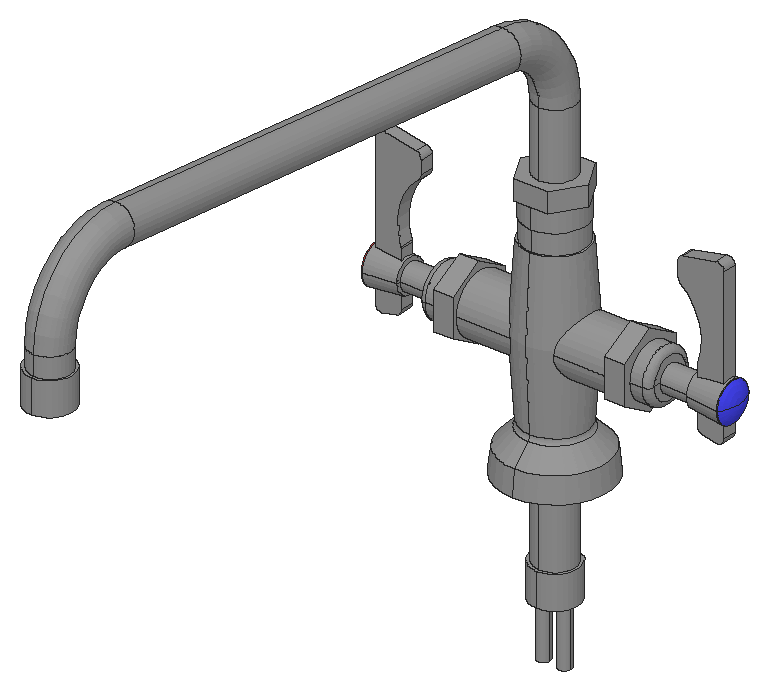
Revit family "Krowne_16-312L_DeckMount_Faucet", category Plumbing Fixtures, Revit 2018
Family settings
  Round Connector Dimension = Use Diameter
  Part Type = Normal
  OmniClass Number = 23.40.40.00
  OmniClass Title = Food Service Equipment and Furnishings
  Work Plane-Based = No
  Always vertical = Yes
  Cut with Voids When Loaded = No
  Shared = No
  Room Calculation Point = No
Parameters (values of type "16-312L")
  Width = 7"
  Weight in Pounds = 5
  Watermarked By = ""
  URL Cutsheet = ""
  URL = "https://krowne.com/"
  Status [instance] = ""
  Specification by User [instance] = ""
  Specification by Manufacturer [instance] = ""
  Serial Number [instance] = ""
  Revision Code [instance] = ""
  NAFEM Spec ID Number [instance] = ""
  Model = "16-312L"
  Masterspec [instance] = ""
  Manufacturer = "Krowne Metal"
  Item Number [instance] = "-"
  Installed By [instance] = ""
  Hot Water Temperature = 100 °F
  Hot Water Size = 1/2"
  Hot Water RI Height = 0"
  Hot Water Flow = 1.8 GPM
  Hot Water Consumption = 0 GPM
  Hot Water Connection Height = 0"
  Height = 13 7/8"
  Furnished By [instance] = ""
  Foodservice Equipment Identifier = yes
  Description = "Single Hole Deck Mount Pantry Faucet with 12\" Spout"
  Depth = 13"
  Cold Water Size = 1/2"
  Cold Water RI Height [instance] = 0"
  Cold Water Flow = 1.8 GPM
  Cold Water Consumption = ""
  Cold Water Connection Height = 0"
  CSI MasterFormat = ""
  Assembly Code = "E1090300"
Reference planes (in)
  plane 1 "BACK": y = 0.0625
  plane 2: z = 0
  plane 3 "LEFT": x = -13.81573
  plane 4 "CENTER L/R": x = -12.56573
  plane 5: y = -0.9375
  plane 6: z = 13.875
  plane 7 "Faucet Lip": z = 8.125
  plane 8: y = -6.9375
  plane 9: z = 5.125
  plane 10: x = -9.06573
  plane 11 "CENTER L/S": x = -11.31573
  plane 12: z = 2.375
  plane 13: x = -16.06573
  plane 14 "CENTER L/T": y = -1.9375
  plane 15: y = -12.9375
Forms (in)
  Revolve 1, solid, material "QF_Steel-Chrome-Polished"
    sketch origin (-12.56573, 0.1875, 0) x (0, 1, 0) y (0, 0, 1)
      loop
        line (-1.125, 0) -> (-0.125, 0) -> (-0.17096, 0.46529) -> (-0.49693, 0.79126)
        arc (-0.49693, 0.79126) -> (-0.5271, 0.84005) -> (-0.5323, 0.89717) r 0.125
        arc (-0.5323, 0.89717) -> (-0.42343, 2.44221) -> (-0.5323, 3.98724) r 11.01727
        line (-0.5323, 3.98724) -> (-1.125, 3.98724) -> (-1.125, 0)
      axis (-1.125, 0) -> (-1.125, 3.98724)
    angle from 0 to 360
  Extrusion 2, solid, material "QF_Steel-Chrome-Polished"
    sketch origin (-12.87823, 0.1875, -0.125) x (0, 1, 0) y (0, 0, 1)
      loop
        circle (-1.125, 2.5) r 0.5625
    from -1.125 to 1.75
  Revolve 3, solid, material "QF_Steel-Chrome-Polished"
    sketch origin (-12.56573, 0.1875, 0) x (0, 1, 0) y (0, 0, 1)
      loop
        line (-1.125, 0) -> (-1.125, -2.125) -> (-0.6875, -2.125) -> (-0.6875, -1.5) -> (-0.75, -1.5) -> (-0.75, 0) -> (-1.125, 0)
      axis (-1.125, 0) -> (-1.125, -2.125)
    angle from 0 to 360
  Extrusion 4, solid, material "QF_Steel-Chrome-Polished"
    sketch origin (-11.12823, -0.03125, 10.75323) x (0, 1, 0) y (0, 0, 1)
      loop
        line (-0.90625, -7.67139) -> (-1.51839, -8.02481) -> (-1.51839, -8.73164) -> (-0.90625, -9.08506) -> (-0.29411, -8.73164) -> (-0.29411, -8.02481) -> (-0.90625, -7.67139)
    from 0 to 0.375
  Revolve 5, solid, material "QF_Steel-Chrome-Polished"
    sketch origin (-15.12823, -0.03125, 2.375) x (0, 1, 0) y (-1, 0, 0)
      loop
        line (-0.90625, -4.375) -> (-0.90625, -4.75) -> (-0.53125, -4.75)
        arc (-0.53125, -4.75) -> (-0.44286, -4.71339) -> (-0.40625, -4.625) r 0.125
        line (-0.40625, -4.625) -> (-0.40625, -4.375) -> (-0.90625, -4.375)
      axis (-0.90625, -4.375) -> (-0.90625, -4.75)
    angle from 0 to 360
  Revolve 6, solid, material "QF_Steel-Chrome-Polished"
    sketch origin (-15.12823, -0.03125, 2.375) x (0, 1, 0) y (-1, 0, 0)
      loop
        line (-0.90625, -4.75) -> (-0.90625, -5.3125) -> (-0.65625, -5.3125) -> (-0.65625, -4.75) -> (-0.90625, -4.75)
      axis (-0.90625, -4.75) -> (-0.90625, -5.3125)
    angle from 0 to 360
  Revolve 7, solid, material "QF_Steel-Chrome-Polished"
    sketch origin (-15.12823, -0.03125, 2.375) x (0, 1, 0) y (-1, 0, 0)
      loop
        line (-0.90625, -5.3125) -> (-0.90625, -5.9375) -> (-0.53125, -5.9375) -> (-0.59375, -5.3125) -> (-0.90625, -5.3125)
      axis (-0.90625, -5.3125) -> (-0.90625, -5.9375)
    angle from 0 to 360
  Revolve 8, solid, material "QF_Plastic-Blue"
    sketch origin (-15.12823, -0.03125, 2.375) x (0, 1, 0) y (-1, 0, 0)
      loop
        line (-0.90625, -5.9375) -> (-0.90625, -6.0625)
        arc (-0.90625, -6.0625) -> (-0.70704, -6.03513) -> (-0.53125, -5.9375) r 0.54601
        line (-0.53125, -5.9375) -> (-0.90625, -5.9375)
      axis (-0.90625, -5.9375) -> (-0.90625, -6.0625)
    angle from 0 to 360
  Extrusion 9, solid, material "QF_Steel-Chrome-Polished"
    sketch origin (-15.12823, -0.9375, 10.75323) x (0, 0, 1) y (-1, 0, 0)
      loop
        arc (-6.12823, -5.875) -> (-6.03156, -5.82925) -> (-6.00565, -5.72549) r 0.125
        line (-6.00565, -5.72549) -> (-6.13064, -5.10053)
        arc (-6.13064, -5.10053) -> (-6.17396, -5.02837) -> (-6.25321, -5.00004) r 0.125
        line (-6.25321, -5.00004) -> (-6.5031, -5.00004)
        arc (-6.5031, -5.00004) -> (-6.55588, -5.01173) -> (-6.59879, -5.04462) r 0.125
        arc (-6.59879, -5.04462) -> (-7.17151, -5.40979) -> (-7.85017, -5.38199) r 1.13354
        arc (-7.85017, -5.38199) -> (-7.871, -5.37648) -> (-7.89247, -5.37462) r 0.125
        line (-7.89247, -5.37462) -> (-8.92568, -5.37462)
        arc (-8.92568, -5.37462) -> (-9.00493, -5.40295) -> (-9.04825, -5.47511) r 0.125
        line (-9.04825, -5.47511) -> (-9.09832, -5.72549)
        arc (-9.09832, -5.72549) -> (-9.07242, -5.82925) -> (-8.97575, -5.875) r 0.125
        line (-8.97575, -5.875) -> (-6.12823, -5.875)
    from -0.125 to 0.125
  Extrusion 10, solid, material "QF_Steel-Chrome-Polished"
    sketch origin (-14.00323, -0.03125, 10.75323) x (0, 1, 0) y (0, 0, -1)
      loop
        line (-0.90625, 7.67139) -> (-0.29411, 8.02481) -> (-0.29411, 8.73164) -> (-0.90625, 9.08506) -> (-1.51839, 8.73164) -> (-1.51839, 8.02481) -> (-0.90625, 7.67139)
    from 0 to 0.375
  Revolve 11, solid, material "QF_Steel-Chrome-Polished"
    sketch origin (-10.00323, -0.03125, 2.375) x (0, 1, 0) y (-1, 0, 0)
      loop
        line (-0.90625, 4.375) -> (-0.40625, 4.375) -> (-0.40625, 4.625)
        arc (-0.40625, 4.625) -> (-0.44286, 4.71339) -> (-0.53125, 4.75) r 0.125
        line (-0.53125, 4.75) -> (-0.90625, 4.75) -> (-0.90625, 4.375)
      axis (-0.90625, 4.375) -> (-0.90625, 4.75)
    angle from 0 to 360
  Revolve 12, solid, material "QF_Steel-Chrome-Polished"
    sketch origin (-10.00323, -0.03125, 2.375) x (0, 1, 0) y (-1, 0, 0)
      loop
        line (-0.90625, 4.75) -> (-0.65625, 4.75) -> (-0.65625, 5.3125) -> (-0.90625, 5.3125) -> (-0.90625, 4.75)
      axis (-0.90625, 4.75) -> (-0.90625, 5.3125)
    angle from 0 to 360
  Revolve 13, solid, material "QF_Steel-Chrome-Polished"
    sketch origin (-10.00323, -0.03125, 2.375) x (0, 1, 0) y (-1, 0, 0)
      loop
        line (-0.90625, 5.3125) -> (-0.59375, 5.3125) -> (-0.53125, 5.9375) -> (-0.90625, 5.9375) -> (-0.90625, 5.3125)
      axis (-0.90625, 5.3125) -> (-0.90625, 5.9375)
    angle from 0 to 360
  Revolve 14, solid, material "QF_Plastic-Red"
    sketch origin (-10.00323, -0.03125, 2.375) x (0, 1, 0) y (-1, 0, 0)
      loop
        line (-0.90625, 5.9375) -> (-0.53125, 5.9375)
        arc (-0.53125, 5.9375) -> (-0.70704, 6.03513) -> (-0.90625, 6.0625) r 0.54601
        line (-0.90625, 6.0625) -> (-0.90625, 5.9375)
      axis (-0.90625, 5.9375) -> (-0.90625, 6.0625)
    angle from 0 to 360
  Extrusion 15, solid, material "QF_Steel-Chrome-Polished"
    sketch origin (-10.00323, -0.9375, 10.75323) x (0, 0, 1) y (-1, 0, 0)
      loop
        line (-6.12823, 5.875) -> (-8.97575, 5.875)
        arc (-8.97575, 5.875) -> (-9.07242, 5.82925) -> (-9.09832, 5.72549) r 0.125
        line (-9.09832, 5.72549) -> (-9.04825, 5.47511)
        arc (-9.04825, 5.47511) -> (-9.00493, 5.40295) -> (-8.92568, 5.37462) r 0.125
        line (-8.92568, 5.37462) -> (-7.89247, 5.37462)
        arc (-7.89247, 5.37462) -> (-7.871, 5.37648) -> (-7.85017, 5.38199) r 0.125
        arc (-7.85017, 5.38199) -> (-7.17151, 5.40979) -> (-6.59879, 5.04462) r 1.13354
        arc (-6.59879, 5.04462) -> (-6.55588, 5.01173) -> (-6.5031, 5.00004) r 0.125
        line (-6.5031, 5.00004) -> (-6.25321, 5.00004)
        arc (-6.25321, 5.00004) -> (-6.17396, 5.02837) -> (-6.13064, 5.10053) r 0.125
        line (-6.13064, 5.10053) -> (-6.00565, 5.72549)
        arc (-6.00565, 5.72549) -> (-6.03156, 5.82925) -> (-6.12823, 5.875) r 0.125
    from -0.125 to 0.125
  Revolve 16, solid, material "QF_Steel-Chrome-Polished"
    sketch origin (-11.25165, -0.9375, 0) x (1, 0, 0) y (0, 0, -1)
      loop
        line (-1.125, 3.25) -> (-1.125, 2.125) -> (-1.0056, 2.125) -> (-1.0056, 3.25) -> (-1.125, 3.25)
      axis (-1.125, 2.125) -> (-1.125, 3.25)
    angle from 0 to 360
  Revolve 17, solid, material "QF_Steel-Chrome-Polished"
    sketch origin (-11.65948, -0.9375, 0) x (1, 0, 0) y (0, 0, -1)
      loop
        line (-1.125, 3.25) -> (-1.125, 2.125) -> (-1.0056, 2.125) -> (-1.0056, 3.25) -> (-1.125, 3.25)
      axis (-1.125, 2.125) -> (-1.125, 3.25)
    angle from 0 to 360
  Extrusion 18, solid, material "QF_Steel-Chrome-Polished"
    sketch origin (0, 0, 4.375) x (0, 1, 0) y (-1, 0, 0)
      loop
        circle (-0.9375, 12.56573) r 0.5625
    from 0 to 0.375
  Extrusion 19, solid, material "QF_Steel-Chrome-Polished"
    sketch origin (0, 0, 4.75) x (0, 1, 0) y (-1, 0, 0)
      loop
        line (-0.9375, 11.91391) -> (-0.37301, 12.23982) -> (-0.37301, 12.89163) -> (-0.9375, 13.21754) -> (-1.50199, 12.89163) -> (-1.50199, 12.23982) -> (-0.9375, 11.91391)
    from 0 to 0.375
  Extrusion 20, solid, material "QF_Steel-Chrome-Polished"
    sketch origin (0, 0, 3.98724) x (0, 1, 0) y (-1, 0, 0)
      loop
        circle (-0.9375, 12.56573) r 0.5551
    from 0 to 0.38776
  Sweep 21, solid, material "QF_Steel-Chrome-Polished"
    path origin (-12.56573, 0, 4.0625) x (0, 1, 0) y (0, 0, 1)
      loop
        line (-0.9375, 1.0625) -> (-0.9375, 2.30619)
        arc (-0.9375, 2.30619) -> (-1.30696, 3.24402) -> (-2.2168, 3.67786) r 1.375
        line (-2.2168, 3.67786) -> (-11.40489, 4.73802)
        arc (-11.40489, 4.73802) -> (-12.47735, 4.39857) -> (-12.9375, 3.37208) r 1.375
        line (-12.9375, 3.37208) -> (-12.9375, 2.375)
    profile origin (-12.56573, -0.9375, 5.74684) x (0, -1, 0) y (1, 0, 0)
      loop
        circle (0, 0) r 0.375
  Extrusion 22, solid, material "QF_Steel-Chrome-Polished"
    sketch origin (-12.56573, -12.9375, 6.4375) x (0, -1, 0) y (-1, 0, 0)
      loop
        circle (0, 0) r 0.4375
    from 0 to -0.625
Cuts and joins
  joined: Revolve 13, Extrusion 15
  joined: Revolve 7, Extrusion 9
Lines and regions (in)
  symbolic lines
    curve 1: arc (-12.94073, -0.9375, 0) -> (-12.56573, -0.5625, 0) -> (-12.19073, -0.9375, 0) r 0.375
    curve 2: arc (-12.94073, -12.9375, 0) -> (-12.83089, -13.20267, 0) -> (-12.56573, -13.3125, 0) r 0.375
    curve 3: arc (-12.56573, -13.3125, 0) -> (-12.30056, -13.20267, 0) -> (-12.19073, -12.9375, 0) r 0.375
    curve 4: line (-12.94073, -12.9375, 0) -> (-12.94073, -0.9375, 0)
    curve 5: line (-12.19073, -0.9375, 0) -> (-12.19073, -12.9375, 0)
    curve 6: arc (-12.56573, 0.0625, 0) -> (-12.09802, -0.05362, 0) -> (-11.73893, -0.375, 0) r 1
    curve 7: arc (-12.94073, -1.86452, 0) -> (-13.19366, -1.71577, 0) -> (-13.39252, -1.5, 0) r 1
    curve 8: arc (-12.94073, -1.55954, 0) -> (-12.56573, -0.21296, 0) -> (-12.19073, -1.55954, 0) r 0.72551
    curve 9: line (-14.00323, -0.32536, 0) -> (-14.00323, -1.54964, 0)
    curve 10: line (-14.00323, -1.5, 0) -> (-13.02512, -1.5, 0)
    curve 11: line (-14.00323, -0.375, 0) -> (-13.02274, -0.375, 0)
    curve 12: line (-11.12823, -0.32536, 0) -> (-11.12823, -1.54964, 0)
    curve 13: line (-11.12823, -1.5, 0) -> (-12.10633, -1.5, 0)
    curve 14: line (-11.12823, -0.375, 0) -> (-12.10871, -0.375, 0)
    curve 15: arc (-13.39252, -0.375, 0) -> (-13.03343, -0.05362, 0) -> (-12.56573, 0.0625, 0) r 1
    curve 16: arc (-11.73893, -1.5, 0) -> (-11.93779, -1.71577, 0) -> (-12.19073, -1.86452, 0) r 1
    curve 17: line (-14.00323, -0.32536, 0) -> (-14.37823, -0.32536, 0)
    curve 18: line (-14.37823, -0.32536, 0) -> (-14.37823, -1.54964, 0)
    curve 19: line (-14.37823, -1.54964, 0) -> (-14.00323, -1.54964, 0)
    curve 20: line (-14.37823, -0.4375, 0) -> (-14.60737, -0.4375, 0)
    curve 21: line (-14.75575, -0.58588, 0) -> (-14.75575, -1.31956, 0)
    curve 22: line (-14.37823, -1.4375, 0) -> (-14.63781, -1.4375, 0)
    curve 23: arc (-14.60737, -0.4375, 0) -> (-14.71229, -0.48096, 0) -> (-14.75575, -0.58588, 0) r 0.14838
    curve 24: arc (-14.63781, -1.4375, 0) -> (-14.72121, -1.40295, 0) -> (-14.75575, -1.31956, 0) r 0.11794
    curve 25: line (-15.87823, -1.0625, 0) -> (-15.00327, -1.0625, 0)
    curve 26: line (-15.87823, -0.8125, 0) -> (-15.87823, -1.0625, 0)
    curve 27: line (-15.00327, -0.8125, 0) -> (-15.87823, -0.8125, 0)
    curve 28: line (-15.00327, -1.0625, 0) -> (-15.00327, -0.8125, 0)
    curve 29: line (-15.31573, -0.8125, 0) -> (-15.31573, -0.625, 0)
    curve 30: line (-15.31573, -0.625, 0) -> (-15.94073, -0.5625, 0)
    curve 31: line (-15.94073, -0.5625, 0) -> (-15.94073, -1.3125, 0)
    curve 32: line (-15.94073, -1.3125, 0) -> (-15.31573, -1.25, 0)
    curve 33: line (-15.31573, -1.25, 0) -> (-15.31573, -1.0625, 0)
    curve 34: line (-15.31573, -1.19301, 0) -> (-14.75575, -1.19301, 0)
    curve 35: line (-15.31573, -0.68191, 0) -> (-14.75575, -0.68191, 0)
    curve 36: arc (-15.94073, -1.3125, 0) -> (-16.06573, -0.9375, 0) -> (-15.94073, -0.5625, 0) r 0.625
    curve 37: line (-11.12823, -0.32536, 0) -> (-10.75323, -0.32536, 0)
    curve 38: line (-10.75323, -0.32536, 0) -> (-10.75323, -1.54964, 0)
    curve 39: line (-10.75323, -1.54964, 0) -> (-11.12823, -1.54964, 0)
    curve 40: line (-10.75323, -0.4375, 0) -> (-10.52408, -0.4375, 0)
    curve 41: line (-10.3757, -0.58588, 0) -> (-10.3757, -1.31956, 0)
    curve 42: line (-10.75323, -1.4375, 0) -> (-10.49364, -1.4375, 0)
    curve 43: arc (-10.52408, -0.4375, 0) -> (-10.41916, -0.48096, 0) -> (-10.3757, -0.58588, 0) r 0.14838
    curve 44: arc (-10.49364, -1.4375, 0) -> (-10.41024, -1.40295, 0) -> (-10.3757, -1.31956, 0) r 0.11794
    curve 45: line (-9.25323, -1.0625, 0) -> (-10.12819, -1.0625, 0)
    curve 46: line (-9.25323, -0.8125, 0) -> (-9.25323, -1.0625, 0)
    curve 47: line (-10.12819, -0.8125, 0) -> (-9.25323, -0.8125, 0)
    curve 48: line (-10.12819, -1.0625, 0) -> (-10.12819, -0.8125, 0)
    curve 49: line (-9.81573, -0.8125, 0) -> (-9.81573, -0.625, 0)
    curve 50: line (-9.81573, -0.625, 0) -> (-9.19073, -0.5625, 0)
    curve 51: line (-9.19073, -0.5625, 0) -> (-9.19073, -1.3125, 0)
    curve 52: line (-9.19073, -1.3125, 0) -> (-9.81573, -1.25, 0)
    curve 53: line (-9.81573, -1.25, 0) -> (-9.81573, -1.0625, 0)
    curve 54: line (-9.81573, -1.19301, 0) -> (-10.3757, -1.19301, 0)
    curve 55: line (-9.81573, -0.68191, 0) -> (-10.3757, -0.68191, 0)
    curve 56: arc (-9.19073, -1.3125, 0) -> (-9.06573, -0.9375, 0) -> (-9.19073, -0.5625, 0) r 0.625
    curve 57: line (-11.91391, -0.9375, 0) -> (-12.23982, -0.37301, 0)
    curve 58: line (-12.23982, -0.37301, 0) -> (-12.89163, -0.37301, 0)
    curve 59: line (-12.89163, -0.37301, 0) -> (-13.21754, -0.9375, 0)
    curve 60: line (-13.21754, -0.9375, 0) -> (-12.94073, -1.41696, 0)
    curve 61: line (-12.19073, -1.41696, 0) -> (-11.91391, -0.9375, 0)
Dimensions and locks (in)
  plane 15 to plane 1 "BACK" = 13"
  plane 7 "Faucet Lip" to plane 9 = 3"
  plane 5 to plane 1 "BACK" = 1"
  plane 6 to plane 9 = 8 3/4"
  plane 3 "LEFT" to plane 10 = 4 3/4"
  plane 11 "CENTER L/S" to plane 3 "LEFT" = 2 1/2"
  plane 12 to level = 2 3/8"
  plane 10 to plane 13 = 7"
  plane 6 to level = 13 7/8"
  plane 7 "Faucet Lip" to level = 8 1/8"
  plane 1 "BACK" to plane 14 "CENTER L/T" = 2"
  plane 5 to plane 8 = 6"
  aligned and locked: level to plane 2
  aligned and locked: Revolve 5 sketch curve to Extrusion 4
  aligned and locked: Revolve 7 sketch curve to Revolve 7 sketch curve
  aligned and locked: Extrusion 10 to Revolve 11 sketch curve
  aligned and locked: Revolve 13 sketch curve to Revolve 13 sketch curve
Connectors (in)
  piping at (-12.37665, -0.9375, -3.25), diameter 0.5, driven by "Cold Water Size", driven by "Cold Water Flow"
    settings: on Revolve 16, index 1, connector inside diameter 24", connector length 0", flow factor 0, pipe flow 1.8 GPM, pressure drop 0.00 psi, fitting loss kfactor 0, connector angle 0.00°, fixture units 0, engagement length 0", angle of deflection 0.00°, flow configuration 0, flow direction 1, fitting loss method 0, system type 20, joint type 0, gender type 0, connector reference index -1, connector utility 0, adjustable connector no, is connector primary yes, connector description ""
  piping at (-12.78448, -0.9375, -3.25), diameter 0.5, driven by "Hot Water Size", driven by "Hot Water Flow"
    settings: on Revolve 17, index 2, connector inside diameter 24", connector length 0", flow factor 0, pipe flow 1.8 GPM, pressure drop 0.00 psi, fitting loss kfactor 0, connector angle 0.00°, fixture units 0, engagement length 0", angle of deflection 0.00°, flow configuration 0, flow direction 1, fitting loss method 0, system type 19, joint type 0, gender type 0, connector reference index -1, connector utility 0, adjustable connector no, is connector primary no, connector description ""
